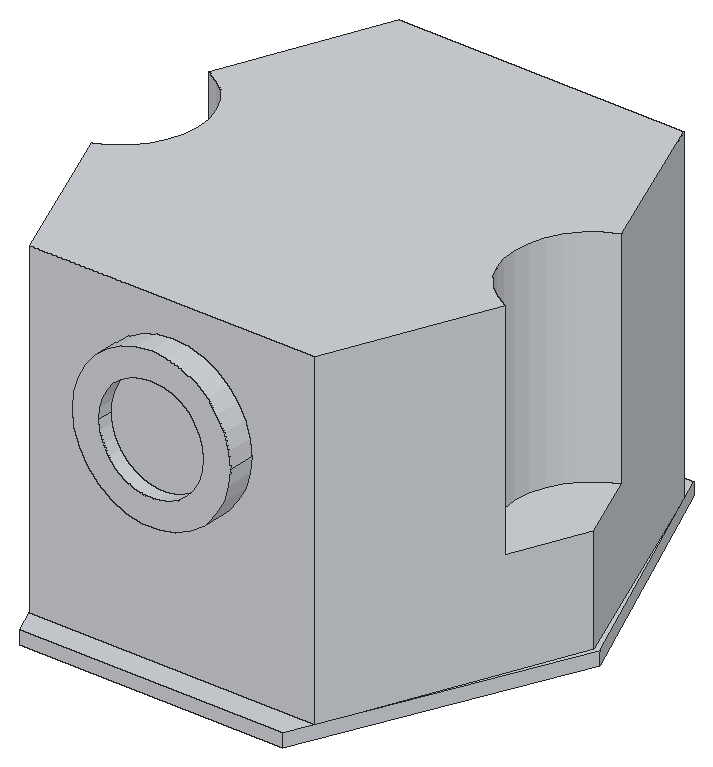
Revit family "bc9e7e3c1a9d42bcb12b8f03e93cdb09", category Fire Alarm Devices, host Face, Revit 2021
Family settings
  Host = Face
  Maintain Annotation Orientation = Yes
  Round Connector Dimension = Use Diameter
  Part Type = Normal
  OmniClass Number = 23.85.30.21.11.17
  OmniClass Title = Other Components
  Seek Item ID = Fire Alarm Door Holder - Magnetic - Double Floor Mounted-0000-USA-ENU
  Cut with Voids When Loaded = No
  Shared = No
  Room Calculation Point = No
Parameters (values of type "Standard")
  Door Holder Material = none
  Default Elevation = 4' - 0"
Reference planes (in)
  plane 1 "Center (Front/Back)": y = 0
  plane 2: z = 0
  plane 3 "Center (Left/Right)": x = 0
  plane 4: x = 2.3125
  plane 5: x = -2.3125
  plane 6: z = 3.25
  plane 7: x = -2.25
  plane 8: x = 2.25
  plane 9: x = -1.25
  plane 10: x = 1.25
  plane 11: z = 0.125
  plane 12: z = 1.125
  plane 13: z = 2.1875
  plane 14: y = -4.875
  plane 15: y = -4.625
  plane 16: y = -0.25
  plane 17: y = -2.4375
Forms (in)
  Extrusion 1, solid, material <- "Door Holder Material"
    sketch origin (0, 0, 0) x (1, 0, 0) y (0, 0, 1)
      loop
        circle (0, 2.1875) r 0.75
    from 0 to 4.875
  Extrusion 2, solid, material <- "Door Holder Material"
    sketch origin (0, 0, 0) x (1, 0, 0) y (0, 1, 0)
      loop
        line (-2.3125, -2.4375) -> (-1.25, -4.875) -> (1.25, -4.875) -> (2.3125, -2.4375) -> (1.25, 0) -> (-1.25, 0) -> (-2.3125, -2.4375)
    from 0.125 to 0
  Extrusion 3, solid, material <- "Door Holder Material"
    sketch origin (0, 0, 0) x (1, 0, 0) y (0, 1, 0)
      loop
        line (-1.35256, -0.25) -> (-2.25, -2.4375) -> (-1.35256, -4.625) -> (1.35256, -4.625) -> (2.25, -2.4375) -> (1.35256, -0.25) -> (-1.35256, -0.25)
    from 0.125 to 3.25
  Extrusion 4, void
    sketch origin (3.21932, -2.04629, 0) x (1, 0, 0) y (0, 0, 1)
      loop
        circle (-3.21932, 2.1875) r 0.5
    from -2.04629 to -1.92129
  Extrusion 5, void
    sketch origin (-0.01418, -3.37405, 0) x (1, 0, 0) y (0, 0, 1)
      loop
        circle (0.01418, 2.1875) r 0.5
    from 1.36376 to 1.50095
  Extrusion 6, void
    sketch origin (0, 0, 0) x (1, 0, 0) y (0, 1, 0)
      loop
        arc (2.25, -1.6875) -> (1.5, -2.4375) -> (2.25, -3.1875) r 0.75
        line (2.25, -3.1875) -> (2.25, -1.6875)
    from 1.125 to 3.25
  Extrusion 7, void
    sketch origin (0, 0, 0) x (-1, 0, 0) y (0, -1, 0)
      loop
        line (2.25, 1.6875) -> (2.25, 3.1875)
        arc (2.25, 3.1875) -> (1.5, 2.4375) -> (2.25, 1.6875) r 0.75
    from 1.125 to 3.25
Cuts and joins
  Extrusion 4, Extrusion 5, Extrusion 7 cuts Extrusion 1
  Extrusion 6, Extrusion 7 cuts Extrusion 3
  joined: Extrusion 1, Extrusion 3
Lines and regions (in)
  symbolic lines, detail levels fine
    curve 1: line (-1.25, -4.875, 0) -> (1.25, -4.875, 0)
    curve 2: line (1.25, -4.875, 0) -> (2.3125, -2.4375, 0)
    curve 3: line (2.3125, -2.4375, 0) -> (1.25, 0, 0)
    curve 4: line (1.25, 0, 0) -> (-1.25, 0, 0)
    curve 5: line (1.35256, -0.25, 0) -> (-1.35256, -0.25, 0)
    curve 6: line (-2.25, -2.4375, 0) -> (-1.35256, -4.625, 0)
    curve 7: line (-1.35256, -4.625, 0) -> (1.35256, -4.625, 0)
    curve 8: line (1.35256, -4.625, 0) -> (2.25, -2.4375, 0)
    curve 9: arc (-1.96533, -3.13138, 0) -> (-1.5, -2.4375, 0) -> (-1.96533, -1.74362, 0) r 0.75
    curve 10: arc (1.96533, -1.74362, 0) -> (1.5, -2.4375, 0) -> (1.96533, -3.13138, 0) r 0.75
    curve 11: line (-0.75, 0, 0) -> (-0.75, -0.25, 0)
    curve 12: line (0.75, 0, 0) -> (0.75, -0.25, 0)
    curve 13: line (-0.75, -4.625, 0) -> (-0.75, -4.875, 0)
    curve 14: line (0.75, -4.625, 0) -> (0.75, -4.875, 0)
    curve 15: line (-1.25, 0, 0) -> (-2.3125, -2.4375, 0)
    curve 16: line (2.25, -2.4375, 0) -> (1.35256, -0.25, 0)
    curve 17: line (-1.35256, -0.25, 0) -> (-2.25, -2.4375, 0)
    curve 18: line (-2.3125, -2.4375, 0) -> (-1.25, -4.875, 0)
Dimensions and locks (in)
  equal spacing: plane 4, plane 3 "Center (Left/Right)", plane 5
  locked: plane 4 to plane 5 at 4.625
  locked: plane 6 to plane 2 at 3.25
  equal spacing: plane 7, plane 3 "Center (Left/Right)", plane 8
  locked: plane 7 to plane 8 at 4.5
  locked: plane 11 to plane 2 at 0.125
  locked: plane 12 to plane 11 at 1
  equal spacing: plane 6, plane 13, plane 12
  locked: plane 14 to plane 1 "Center (Front/Back)" at 4.875
  equal spacing: plane 14, plane 17, plane 1 "Center (Front/Back)"
  locked: plane 16 to plane 1 "Center (Front/Back)" at 0.25
  locked: plane 14 to plane 15 at 0.25
  locked: plane 1 "Center (Front/Back)" to cut or joined group of Extrusion 1, Extrusion 3, Extrusion 4, Extrusion 5, Extrusion 6, Extrusion 7 at 0.125
  locked: cut or joined group of Extrusion 1, Extrusion 3, Extrusion 4, Extrusion 5, Extrusion 6, Extrusion 7 to plane 14 at 0.1372
  locked: curve 11 to plane 3 "Center (Left/Right)" at 0.75
  locked: plane 3 "Center (Left/Right)" to curve 12 at 0.75
  locked: curve 13 to plane 3 "Center (Left/Right)" at 0.75
  locked: plane 3 "Center (Left/Right)" to curve 14 at 0.75
  radius of Extrusion 1 sketch curve = 0' - 0 3/4"
  radius of Extrusion 4 sketch curve = 0' - 0 1/2"
  radius of Extrusion 5 sketch curve = 0' - 0 1/2"
  radius of Extrusion 6 sketch curve = 0' - 0 3/4"
  radius of Extrusion 7 sketch curve = 0' - 0 3/4"
  aligned and locked: plane 2 to host face
  aligned and locked: level to host face
  aligned and locked: plane 3 "Center (Left/Right)" to Extrusion 1 sketch curve
  aligned and locked: plane 5 to Extrusion 2 sketch curve
  aligned and locked: plane 4 to Extrusion 2 sketch curve
  aligned and locked: plane 8 to Extrusion 3 sketch curve
  aligned and locked: plane 6 to Extrusion 3
  aligned and locked: plane 10 to Extrusion 2 sketch curve  (x2)
  aligned and locked: plane 11 to Extrusion 2
  aligned and locked: Extrusion 2 to plane 2
  aligned and locked: Extrusion 3 to plane 11
  aligned and locked: Extrusion 3 to plane 6
  aligned and locked: plane 13 to Extrusion 1 sketch curve
  aligned and locked: plane 13 to Extrusion 4 sketch curve
  aligned: plane 3 "Center (Left/Right)" to Extrusion 4 sketch curve
  aligned and locked: plane 13 to Extrusion 5 sketch curve
  aligned: plane 3 "Center (Left/Right)" to Extrusion 5 sketch curve
  aligned and locked: plane 8 to Extrusion 6 sketch curve  (x2)
  aligned and locked: Extrusion 6 to plane 12
  aligned and locked: plane 6 to Extrusion 6
  aligned and locked: plane 7 to Extrusion 7 sketch curve
  aligned and locked: Extrusion 7 to plane 12
  aligned and locked: plane 6 to Extrusion 7
  aligned and locked: plane 9 to Extrusion 2 sketch curve  (x2)
  aligned and locked: plane 14 to Extrusion 2 sketch curve  (x2)
  aligned and locked: plane 17 to Extrusion 2 sketch curve  (x2)
  aligned and locked: plane 1 "Center (Front/Back)" to Extrusion 2 sketch curve  (x2)
  aligned and locked: plane 16 to Extrusion 3 sketch curve
  aligned and locked: plane 15 to Extrusion 3 sketch curve
  aligned and locked: plane 17 to Extrusion 3 sketch curve  (x2)
  aligned and locked: plane 7 to Extrusion 3 sketch curve
  aligned and locked: cut or joined group of Extrusion 1, Extrusion 3, Extrusion 4, Extrusion 5, Extrusion 6, Extrusion 7 to plane 1 "Center (Front/Back)"
  aligned and locked: plane 14 to cut or joined group of Extrusion 1, Extrusion 3, Extrusion 4, Extrusion 5, Extrusion 6, Extrusion 7
  aligned and locked: plane 17 to Extrusion 7 sketch curve
  aligned and locked: plane 17 to Extrusion 6 sketch curve
  aligned and locked: plane 3 "Center (Left/Right)" to Extrusion 5 sketch curve
  aligned and locked: plane 3 "Center (Left/Right)" to Extrusion 4 sketch curve
  aligned and locked: Extrusion 4 to plane 1 "Center (Front/Back)"
  aligned and locked: Extrusion 1 to Extrusion 5
  aligned and locked: plane 1 "Center (Front/Back)" to nested 1
  aligned and locked: plane 3 "Center (Left/Right)" to nested 1
  aligned and locked: curve 1 to Extrusion 2
  aligned and locked: curve 2 to Extrusion 2
  aligned and locked: curve 3 to Extrusion 2
  aligned and locked: curve 4 to Extrusion 2
  aligned and locked: curve 5 to cut or joined group of Extrusion 1, Extrusion 3, Extrusion 4, Extrusion 5, Extrusion 6, Extrusion 7
  aligned and locked: curve 6 to cut or joined group of Extrusion 1, Extrusion 3, Extrusion 4, Extrusion 5, Extrusion 6, Extrusion 7
  aligned and locked: curve 7 to cut or joined group of Extrusion 1, Extrusion 3, Extrusion 4, Extrusion 5, Extrusion 6, Extrusion 7
  aligned and locked: curve 8 to cut or joined group of Extrusion 1, Extrusion 3, Extrusion 4, Extrusion 5, Extrusion 6, Extrusion 7
  aligned and locked: curve 9 to cut or joined group of Extrusion 1, Extrusion 3, Extrusion 4, Extrusion 5, Extrusion 6, Extrusion 7
  aligned and locked: curve 10 to cut or joined group of Extrusion 1, Extrusion 3, Extrusion 4, Extrusion 5, Extrusion 6, Extrusion 7
  aligned and locked: plane 1 "Center (Front/Back)" to curve 11
  aligned and locked: plane 16 to curve 11
  aligned and locked: plane 15 to curve 13
  aligned and locked: plane 14 to curve 13
  aligned and locked: curve 15 to Extrusion 2
  aligned and locked: curve 16 to cut or joined group of Extrusion 1, Extrusion 3, Extrusion 4, Extrusion 5, Extrusion 6, Extrusion 7
  aligned and locked: curve 17 to cut or joined group of Extrusion 1, Extrusion 3, Extrusion 4, Extrusion 5, Extrusion 6, Extrusion 7
  aligned and locked: curve 18 to Extrusion 2
Automatic sketch dimensions
  host sketch curve to host sketch curve = 8' - 0"  (x2)
  Extrusion 3 sketch curve to plane 9 = 0' - 0.10256"  (x2)
  Extrusion 3 sketch curve to plane 10 = 0' - 0.10256"  (x2)
  Extrusion 7 sketch curve to plane 7 = 0' - 0"
Nested families (in)
  nested 1: "Fire Alarm Door Holder - Magnetic - Floor Mounted Annotation" at (0, 0, 0), type "Fire Alarm Door Holder - Magnetic - Floor Mounted Annotation", detail levels coarse+medium
Connectors (in)
  electrical at (0, -2.4375, 0)
    settings: on Extrusion 2, index 1, voltage 0 V, apparent load 0 VA, apparent load phase1 0 VA, apparent load phase2 0 VA, apparent load phase3 0 VA, power factor 1, load classification "Other", number of poles 1, system type 11, power factor state 1, is connector primary yes, connector utility no, sub classification motor no, connector description ""
Definition of nested family "Fire Alarm Door Holder - Magnetic - Floor Mounted Annotation"
  Parameters
    Label Annotation 2 = "D"
    Label Annotation 1 = "M"
  Reference planes (in)
    plane 1: y = 0
    plane 2: x = 0
  Lines and regions (in)
    reference lines
      curve 1: line (-0.09375, 0.15004, 0) -> (-0.09375, -0.32771, 0)
      curve 2: line (0.09375, 0.21161, 0) -> (0.09375, -0.35726, 0)
    detail lines
      curve 3: line (-0.09375, 0, 0) -> (0.09375, 0, 0)
      curve 4: line (-0.09375, -0.1875, 0) -> (-0.09375, 0, 0)
      curve 5: line (0.09375, -0.1875, 0) -> (-0.09375, -0.1875, 0)
      curve 6: line (0.09375, 0, 0) -> (0.09375, -0.1875, 0)
  Text (in)
    label "M" at (-0.0536, -0.09386, 0), shows "Label Annotation 1"
    label "D" at (0.10547, -0.18081, 0), shows "Label Annotation 2"
  Dimensions and locks (in)
    locked: curve 1 to plane 2 at 0.09375
    locked: plane 2 to curve 2 at 0.09375
    locked: plane 1 to curve 5 at 0.1875
    aligned and locked: curve 4 to curve 1
    aligned and locked: curve 2 to curve 6
    aligned and locked: plane 1 to curve 3
